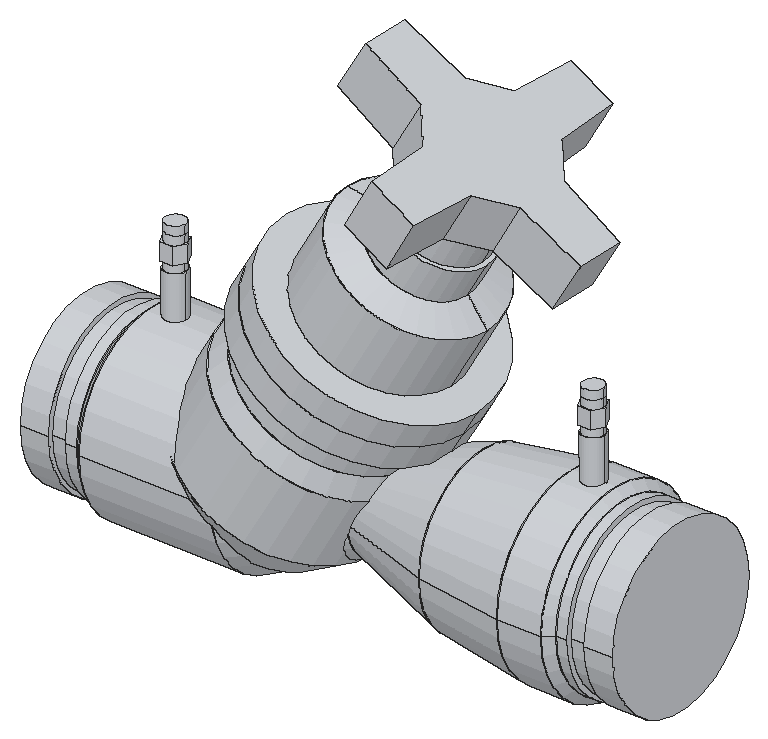
Revit family "447_d-DN080-RFA_2019", category Pipe Accessories, Revit 2019
Family settings
  Round Connector Dimension = Use Diameter
  Part Type = Valve - Breaks Into
  Work Plane-Based = No
  Always vertical = Yes
  Cut with Voids When Loaded = No
  Shared = No
Parameters (values of type "447_d-DN080")
  magiProductId = "f43aa02b4841429783243073d22ea7"
  magiProductFamilyId = "eab8c084d85f47fc9aed3208e9defb"
  magiPartTypeId = 304
  isMeasuringValve [instance] = no
  ang2D [instance] = 0.00°
  W3 = 14.437 mm
  W2D = 100 mm
  W2 = 30.026 mm
  W1 = 12.736 mm
  VersionID = "2.0/2018.4.11.4/ZETKAMA_447_GROOVED_001"
  Use Minimum Symbol Size [instance] = yes
  URL = "www.hydronix.cz"
  Type Comments = "drážkový spoj; PN16; -10~+120°C;"
  R9 = 57.85 mm
  R8 = 24.475 mm
  R7 = 26.7 mm
  R6 = 53.4 mm
  R5 = 65 mm
  R4 = 24.475 mm
  R3 = 48.95 mm
  R2 = 42.275 mm
  R13 = 6.649 mm
  R12 = 5.204 mm
  R11 = 5.782 mm
  R1 = 44.5 mm
  R = 40 mm
  QmdConnectorList = "301;D;302;D"
  Productdata [instance] = ""
  Model = ""
  Manufacturer = "Hydronix"
  Maintenance Zone Under Depth [instance] = 45 mm
  Maintenance Zone Right Depth [instance] = 310 mm
  Maintenance Zone Over Depth [instance] = 220 mm
  Maintenance Zone Left Depth [instance] = 310 mm
  Maintenance Zone Front Depth [instance] = 130 mm
  Maintenance Zone Back Depth [instance] = 130 mm
  Maintenance Zone Front Visibility [instance] = no
  MC Product Code = "447 080 d (DN80; PN16 kvs104,3)"
  MC Piping Given Pressure Drop [instance] = 0.0 Pa
  L9 = 46.254 mm
  L8__ve = -L8  # -23.127 mm
  L8 = 23.127 mm
  L6 = 69.381 mm
  L5 = 4.429 mm
  L4__ve = -L4  # -5.905 mm
  L4 = 5.905 mm
  L3__ve = -L3  # -8.857 mm
  L3 = 8.857 mm
  L2__ve = -L2  # -14.762 mm
  L2D_Min = 3048 mm
  L2D = 350 mm
  L2 = 14.762 mm
  L13 = 11.563 mm
  L12 = 12.736 mm
  L11 = 14.437 mm
  L10 = 30.026 mm
  L1 = 155 mm
  KZ = 25.833 mm
  KL = 44.745 mm
  H9 = 5.774 mm
  H8 = 37.528 mm
  H7 = 14.434 mm
  H6 = 17.321 mm
  H5 = 11.547 mm
  H4 = 43.301 mm
  H17 = 8.8 mm
  H16 = 4.4 mm
  H15 = 70.95 mm
  H14 = 28.868 mm
  H13 = 21.651 mm
  H11 = 23.094 mm
  H10 = 20.207 mm
  Description = "Ruční vyvažovací ventil s drážkovým spojem"
  D = 80 mm
  CenSd_R13_6 = R13 * cos(30.00°)  # 5.758 mm
  Clearance Zone Height Depth [instance] = 220 mm
  Clearance Zone Circular Radius [instance] = 155 mm
  Clearance Zone Visibility [instance] = no
Types (10, lengths in mm): name | magiProductId | W3 | W2 | W1 | R9 | R8 | R7 | R6 | R5 | R4 | R3 | R2 | R13 | R12 | R11 | R1 | R | Maintenance Zone Under Depth | Maintenance Zone Right Depth | Maintenance Zone Over Depth | Maintenance Zone Left Depth | Maintenance Zone Front Depth | Maintenance Zone Back Depth | MC Product Code | L9 | L8__ve | L8 | L6 | L5 | L4__ve | L4 | L3__ve | L3 | L2__ve | L2 | L13 | L12 | L11 | L10 | L1 | KZ | KL | H9 | H8 | H7 | H6 | H5 | H4 | H17 | H16 | H15 | H14 | H13 | H11 | H10 | D | CenSd_R13_6 | Clearance Zone Height Depth | Clearance Zone Circular Radius
  447_d-DN100 | "e5a6bfdd9ca54003a0551f5d760c3c" | 14.437 | 30.026 | 12.736 | 74.1 | 31.35 | 34.2 | 68.4 | 65 | 31.35 | 62.7 | 54.15 | 7.507 | 5.875 | 6.528 | 57 | 50 | 57 | 350 | 240 | 350 | 130 | 130 | "447 100 d (DN100; PN16 kvs180,5)" | 52.222 | -26.111 | 26.111 | 78.333 | 5 | -6.667 | 6.667 | -10 | 10 | -16.667 | 16.667 | 13.056 | 12.736 | 14.437 | 30.026 | 175 | 29.167 | 50.518 | 6.389 | 41.531 | 15.973 | 19.168 | 12.779 | 47.92 | 9.6 | 4.8 | 86.7 | 31.947 | 23.96 | 25.557 | 22.363 | 100 | 6.501 | 240 | 175
  447_d-DN125 | "5795ec580370482d8c46e49d975863" | 14.437 | 30.026 | 12.736 | 91.65 | 38.775 | 42.3 | 84.6 | 65 | 38.775 | 77.55 | 66.975 | 8.579 | 6.714 | 7.46 | 70.5 | 62.5 | 71 | 400 | 260 | 400 | 130 | 130 | "447 125 d (DN125; PN16 kvs280,0)" | 59.683 | -29.841 | 29.841 | 89.524 | 5.714 | -7.619 | 7.619 | -11.429 | 11.429 | -19.048 | 19.048 | 14.921 | 12.736 | 14.437 | 30.026 | 200 | 33.333 | 57.735 | 7.005 | 45.534 | 17.513 | 21.016 | 14.01 | 52.539 | 10.4 | 5.2 | 103.55 | 35.026 | 26.269 | 28.021 | 24.518 | 125 | 7.43 | 260 | 200
  447_d-DN150 | "9b6b5ad10a674c51b522359e7e2d39" | 14.437 | 30.026 | 12.736 | 109.2 | 46.2 | 50.4 | 100.8 | 65 | 46.2 | 92.4 | 79.8 | 10.295 | 8.057 | 8.952 | 84 | 75 | 84 | 480 | 285 | 480 | 130 | 130 | "447 150 d (DN150; PN16 kvs383,4)" | 71.619 | -35.81 | 35.81 | 107.429 | 6.857 | -9.143 | 9.143 | -13.714 | 13.714 | -22.857 | 22.857 | 17.905 | 12.736 | 14.437 | 30.026 | 240 | 40 | 69.282 | 7.775 | 50.537 | 19.437 | 23.325 | 15.55 | 58.312 | 11.4 | 5.7 | 120.9 | 38.875 | 29.156 | 31.1 | 27.212 | 150 | 8.916 | 285 | 240
  447_d-DN200 | "f5a67fe5c2444fc986ed7f87b9a4ed" | 31.658 | 71.601 | 30.372 | 142.35 | 60.225 | 65.7 | 131.4 | 155 | 60.225 | 120.45 | 104.025 | 12.869 | 10.071 | 11.19 | 109.5 | 100 | 110 | 600 | 480 | 600 | 310 | 310 | "447 200 d (DN200; PN16 kvs710,0)" | 89.524 | -44.762 | 44.762 | 134.286 | 8.571 | -11.429 | 11.429 | -17.143 | 17.143 | -28.571 | 28.571 | 22.381 | 30.372 | 31.658 | 71.601 | 300 | 50 | 86.603 | 12.394 | 80.56 | 30.984 | 37.181 | 24.788 | 92.953 | 19.2 | 9.6 | 168.45 | 61.969 | 46.477 | 49.575 | 43.378 | 200 | 11.145 | 480 | 300
  447_d-DN250 | "7d63ae0d28f64990bc8ce3477101ef" | 31.658 | 71.601 | 30.372 | 177.45 | 75.075 | 81.9 | 163.8 | 155 | 75.075 | 150.15 | 129.675 | 15.657 | 12.254 | 13.615 | 136.5 | 125 | 137 | 730 | 525 | 730 | 310 | 310 | "447 250 d (DN250; PN16 kvs1187,5)" | 108.921 | -54.46 | 54.46 | 163.381 | 10.429 | -13.905 | 13.905 | -20.857 | 20.857 | -34.762 | 34.762 | 27.23 | 30.372 | 31.658 | 71.601 | 365 | 60.833 | 105.366 | 13.779 | 89.566 | 34.449 | 41.338 | 27.559 | 103.346 | 21 | 10.5 | 202.65 | 68.897 | 51.673 | 55.118 | 48.228 | 250 | 13.56 | 525 | 365
  447_d-DN300 | "0a2a34dba99a430aa7daf784d6b0c1" | 31.658 | 71.601 | 30.372 | 210.6 | 89.1 | 97.2 | 194.4 | 155 | 89.1 | 178.2 | 153.9 | 18.231 | 14.268 | 15.853 | 162 | 150 | 162 | 850 | 535 | 850 | 310 | 310 | "447 300 d (DN300; PN16 kvs1504,1)" | 126.825 | -63.413 | 63.413 | 190.238 | 12.143 | -16.19 | 16.19 | -24.286 | 24.286 | -40.476 | 40.476 | 31.706 | 30.372 | 31.658 | 71.601 | 425 | 70.833 | 122.687 | 14.087 | 91.568 | 35.218 | 42.262 | 28.175 | 105.655 | 21.4 | 10.7 | 231.7 | 70.437 | 52.828 | 56.349 | 49.306 | 300 | 15.789 | 535 | 425
  447_d-DN040 | "6dc4a6b5eb924103b02307904d600f" | 9.08 | 17.092 | 7.25 | 31.2 | 13.2 | 14.4 | 28.8 | 37 | 13.2 | 26.4 | 22.8 | 4.29 | 3.357 | 3.73 | 24 | 20 | 24 | 200 | 130 | 200 | 74 | 74 | "447 040 d (DN40; PN16 kvs22,36)" | 29.841 | -14.921 | 14.921 | 44.762 | 2.857 | -3.81 | 3.81 | -5.714 | 5.714 | -9.524 | 9.524 | 7.46 | 7.25 | 9.08 | 17.092 | 100 | 16.667 | 28.868 | 3.433 | 22.317 | 8.583 | 10.3 | 6.867 | 25.75 | 5.2 | 2.6 | 39.4 | 17.167 | 12.875 | 13.733 | 12.017 | 40 | 3.715 | 130 | 100
  447_d-DN050 | "b59a3d0ad4654cda90cee0c397c848" | 9.08 | 17.092 | 7.25 | 39 | 16.5 | 18 | 36 | 37 | 16.5 | 33 | 28.5 | 4.933 | 3.861 | 4.29 | 30 | 25 | 30 | 230 | 130 | 230 | 130 | 130 | "447 050 d (DN50; PN16 kvs32,15)" | 34.317 | -17.159 | 17.159 | 51.476 | 3.286 | -4.381 | 4.381 | -6.571 | 6.571 | -10.952 | 10.952 | 8.579 | 7.25 | 9.08 | 17.092 | 115 | 19.167 | 33.198 | 3.433 | 22.317 | 8.583 | 10.3 | 6.867 | 25.75 | 5.2 | 2.6 | 46 | 17.167 | 12.875 | 13.733 | 12.017 | 50 | 4.272 | 130 | 115
  447_d-DN065 | "356db372cd37496c9ff0d3ad255dc6" | 14.437 | 30.026 | 12.736 | 49.4 | 20.9 | 22.8 | 45.6 | 65 | 20.9 | 41.8 | 36.1 | 6.22 | 4.868 | 5.409 | 38 | 32.5 | 38 | 290 | 220 | 290 | 130 | 130 | "447 065 d (DN65; PN16 kvs83,3)" | 43.27 | -21.635 | 21.635 | 64.905 | 4.143 | -5.524 | 5.524 | -8.286 | 8.286 | -13.81 | 13.81 | 10.817 | 12.736 | 14.437 | 30.026 | 145 | 24.167 | 41.858 | 5.774 | 37.528 | 14.434 | 17.321 | 11.547 | 43.301 | 8.8 | 4.4 | 63.8 | 28.868 | 21.651 | 23.094 | 20.207 | 65 | 5.387 | 220 | 145
  447_d-DN080 | "f43aa02b4841429783243073d22ea7" | 14.437 | 30.026 | 12.736 | 57.85 | 24.475 | 26.7 | 53.4 | 65 | 24.475 | 48.95 | 42.275 | 6.649 | 5.204 | 5.782 | 44.5 | 40 | 45 | 310 | 220 | 310 | 130 | 130 | "447 080 d (DN80; PN16 kvs104,3)" | 46.254 | -23.127 | 23.127 | 69.381 | 4.429 | -5.905 | 5.905 | -8.857 | 8.857 | -14.762 | 14.762 | 11.563 | 12.736 | 14.437 | 30.026 | 155 | 25.833 | 44.745 | 5.774 | 37.528 | 14.434 | 17.321 | 11.547 | 43.301 | 8.8 | 4.4 | 70.95 | 28.868 | 21.651 | 23.094 | 20.207 | 80 | 5.758 | 220 | 155
Reference planes
  plane 1 "Center (Front/Back)": y = 0
  plane 2 "XYPLANE": z = 0
  plane 3 "Center (Left/Right)": x = 0
  plane 4 "159": y = 130
  plane 5 "158": y = -130
  plane 6 "157": z = -45
  plane 7 "156": z = 220
  plane 8 "155": x = -310
  plane 9 "154": x = 310
  plane 10 "132": z = 88.55
  plane 11 "125": z = 84.15
  plane 12 "120": z = 75.35
  plane 13 "119": z = 70.95
  plane 14 "112": x = 109.484
  plane 15 "111": x = -109.484
  plane 16 "109": y = -14.437
  plane 17 "108": y = 14.437
  plane 18 "105": through (347.28, 0, 665.523) normal (0.866, 0, -0.5)
  plane 19 "104": through (325.22, 0, 678.26) normal (0.866, 0, -0.5)
  plane 20 "103": y = -30.026
  plane 21 "102": y = -12.736
  plane 22 "101": y = 30.026
  plane 23 "100": y = 12.736
  plane 24 "99": through (323.747, 0, 679.11) normal (0.866, 0, -0.5)
  plane 25 "98": through (310.247, 0, 686.904) normal (0.866, 0, -0.5)
  plane 26 "97": through (348.753, 0, 664.673) normal (0.866, 0, -0.5)
  plane 27 "96": through (362.253, 0, 656.878) normal (0.866, 0, -0.5)
  plane 28 "95": y = -65
  plane 29 "94": y = 65
  plane 30 "93": through (392.542, 0, 639.391) normal (0.866, 0, -0.5)
  plane 31 "92": through (279.958, 0, 704.391) normal (0.866, 0, -0.5)
  plane 32 "88": x = 51.667
  plane 33 "87": x = 97.921
  plane 34 "81": through (-568.616, 0, 515.128) normal (0.5, 0, 0.866)
  plane 35 "80": through (-580.163, 0, 495.128) normal (0.5, 0, 0.866)
  plane 36 "75": through (-590.267, 0, 477.628) normal (0.5, 0, 0.866)
  plane 37 "72": through (-593.154, 0, 472.628) normal (0.5, 0, 0.866)
  plane 38 "68": through (-611.918, 0, 440.128) normal (0.5, 0, 0.866)
  plane 39 "67": through (-619.134, 0, 427.628) normal (0.5, 0, 0.866)
  plane 40 "62": through (-673.261, 0, 333.878) normal (0.5, 0, 0.866)
  plane 41 "61": through (-626.351, 0, 415.128) normal (0.5, 0, 0.866)
  plane 42 "58": through (-635.012, 0, 400.128) normal (0.5, 0, 0.866)
  plane 43 "56": through (-640.785, 0, 390.128) normal (0.5, 0, 0.866)
  plane 44 "51": y = 0
  plane 45 "49": through (336.25, 0, 671.891) normal (0.866, 0, -0.5)
  plane 46 "48": through (-662.436, 0, 352.628) normal (0.5, 0, 0.866)
  plane 47 "30": x = 121.048
  plane 48 "29": x = 125.476
  plane 49 "28": x = 131.381
  plane 50 "27": x = 140.238
  plane 51 "14": x = -51.667
  plane 52 "13": x = -121.048
  plane 53 "12": x = -125.476
  plane 54 "11": x = -131.381
  plane 55 "10": x = -140.238
  plane 56 "8": x = -155
  plane 57 "7": x = 155
  plane 58 "6": y = 0
  plane 59 "5": x = 0
  plane 60 "4": z = 0
  plane 61 "45XY": through (-649.519, 0, 375) normal (0.5, 0, 0.866)
  plane 62 "45XZ": y = 0
  plane 63 "45YZ": through (375, 0, 649.519) normal (0.866, 0, -0.5)
Forms (mm)
  Blend 1, solid, visible <- "Maintenance Zone Front Visibility"
    base sketch origin (-750, 0, -45) x (1, 0, 0) y (0, 1, 0)
      loop
        line (440, 130) -> (440, -130) -> (1060, -130) -> (1060, 130) -> (440, 130)
    top sketch origin (-750, 0, -45) x (1, 0, 0) y (0, 1, 0)
      loop
        line (440, 130) -> (440, -130) -> (1060, -130) -> (1060, 130) -> (440, 130)
    from 0 to 265
  Extrusion 2, solid, visible <- "Clearance Zone Visibility"
    sketch origin (-750, 0, 0) x (1, 0, 0) y (0, 1, 0)
      loop
        circle (750, 0) r 155
    from 0 to 220 <- "Clearance Zone Height Depth"
  Extrusion 3, solid
    sketch origin (-750, 0, 88.55) x (1, 0, 0) y (0, 1, 0)
      loop
        circle (859.484, 0) r 5.204
    from 0 to 4.4 <- "H16"
  Extrusion 4, solid
    sketch origin (-750, 0, 84.15) x (1, 0, 0) y (0, 1, 0)
      loop
        circle (859.484, 0) r 5.204
    from 0 to 4.4 <- "H16"
  Extrusion 5, solid
    sketch origin (-750, 0, 88.55) x (1, 0, 0) y (0, 1, 0)
      loop
        circle (640.516, 0) r 5.204
    from 0 to 4.4 <- "H16"
  Extrusion 6, solid
    sketch origin (-750, 0, 84.15) x (1, 0, 0) y (0, 1, 0)
      loop
        circle (640.516, 0) r 5.204
    from 0 to 4.4 <- "H16"
  Extrusion 7, solid
    sketch origin (-750, 0, 75.35) x (1, 0, 0) y (0, 1, 0)
      loop
        line (866.133, 0) -> (862.809, 5.758) -> (856.16, 5.758) -> (852.835, 0) -> (856.16, -5.758) -> (862.809, -5.758) -> (866.133, 0)
    from 0 to 8.8 <- "H17"
  Extrusion 8, solid
    sketch origin (-750, 0, 75.35) x (1, 0, 0) y (0, 1, 0)
      loop
        line (647.165, 0) -> (643.84, 5.758) -> (637.191, 5.758) -> (633.867, 0) -> (637.191, -5.758) -> (643.84, -5.758) -> (647.165, 0)
    from 0 to 8.8 <- "H17"
  Extrusion 9, solid
    sketch origin (-750, 0, 70.95) x (1, 0, 0) y (0, 1, 0)
      loop
        circle (859.484, 0) r 5.204
    from 0 to 4.4 <- "H16"
  Extrusion 10, solid
    sketch origin (-750, 0, 70.95) x (1, 0, 0) y (0, 1, 0)
      loop
        circle (640.516, 0) r 5.204
    from 0 to 4.4 <- "H16"
  Extrusion 11, solid
    sketch origin (-750, 0, 0) x (1, 0, 0) y (0, 1, 0)
      loop
        circle (859.484, 0) r 5.782
    from 0 to 70.95 <- "H15"
  Extrusion 12, solid
    sketch origin (-750, 0, 0) x (1, 0, 0) y (0, 1, 0)
      loop
        circle (640.516, 0) r 5.782
    from 0 to 70.95 <- "H15"
  Extrusion 13, solid
    sketch origin (-568.616, 0, 515.128) x (0.866025, 0, -0.5) y (0, 1, 0)
      loop
        line (640.255, 12.736) -> (640.255, -12.736) -> (675.229, -14.437) -> (690.818, -30.026) -> (692.519, -65) -> (717.992, -65) -> (719.693, -30.026) -> (735.281, -14.437) -> (770.255, -12.736) -> (770.255, 12.736) -> (735.281, 14.437) -> (719.693, 30.026) -> (717.992, 65) -> (692.519, 65) -> (690.818, 30.026) -> (675.229, 14.437) -> (640.255, 12.736)
    from 0 to 28.868 <- "H14"
  Blend 14, solid
    base sketch origin (97.921, -750, 0) x (0, 1, 0) y (0, 0, 1)
      loop
        circle (750, 0) r 48.95
    top sketch origin (97.921, -750, 0) x (0, 1, 0) y (0, 0, 1)
      loop
        circle (750, 0) r 42.275
    from 0 to -46.254
  Extrusion 15, solid
    sketch origin (-619.134, 0, 427.628) x (0.866025, 0, -0.5) y (0, 1, 0)
      loop
        circle (705.255, 0) r 57.85
    from 0 to 14.434 <- "H7"
  Extrusion 16, solid
    sketch origin (-626.351, 0, 415.128) x (0.866025, 0, -0.5) y (0, 1, 0)
      loop
        circle (705.255, 0) r 57.85
    from 0 to 14.434 <- "H7"
  Extrusion 17, solid
    sketch origin (-580.163, 0, 495.128) x (0.866025, 0, -0.5) y (0, 1, 0)
      loop
        circle (705.255, 0) r 24.475
    from 0 to 23.094 <- "H11"
  Blend 18, solid
    base sketch origin (-593.154, 0, 472.628) x (0.866025, 0, -0.5) y (0, 1, 0)
      loop
        circle (705.255, 0) r 42.275
    top sketch origin (-593.154, 0, 472.628) x (0.866025, 0, -0.5) y (0, 1, 0)
      loop
        circle (705.255, 0) r 26.7
    from 0 to 5.774
  Extrusion 19, solid
    sketch origin (-611.918, 0, 440.128) x (0.866025, 0, -0.5) y (0, 1, 0)
      loop
        circle (705.255, 0) r 42.275
    from 0 to 37.528 <- "H8"
  Extrusion 20, solid
    sketch origin (-590.267, 0, 477.628) x (0.866025, 0, -0.5) y (0, 1, 0)
      loop
        circle (705.255, 0) r 26.7
    from 0 to 20.207 <- "H10"
  Blend 21, solid
    base sketch origin (-662.436, 0, 352.628) x (0.866025, 0, -0.5) y (0, 1, 0)
      loop
        circle (705.255, 0) r 53.4
    top sketch origin (-662.436, 0, 352.628) x (0.866025, 0, -0.5) y (0, 1, 0)
      loop
        circle (705.255, 0) r 40
    from 0 to -21.651
  Extrusion 22, solid
    sketch origin (-635.012, 0, 400.128) x (0.866025, 0, -0.5) y (0, 1, 0)
      loop
        circle (705.255, 0) r 48.95
    from 0 to 17.321 <- "H6"
  Blend 23, solid
    base sketch origin (-640.785, 0, 390.128) x (0.866025, 0, -0.5) y (0, 1, 0)
      loop
        circle (705.255, 0) r 53.4
    top sketch origin (-640.785, 0, 390.128) x (0.866025, 0, -0.5) y (0, 1, 0)
      loop
        circle (705.255, 0) r 48.95
    from 0 to 11.547
  Extrusion 24, solid
    sketch origin (-662.436, 0, 352.628) x (0.866025, 0, -0.5) y (0, 1, 0)
      loop
        circle (705.255, 0) r 53.4
    from 0 to 43.301 <- "H4"
  Extrusion 25, solid
    sketch origin (155, -750, 0) x (0, 1, 0) y (0, 0, 1)
      loop
        circle (750, 0) r 44.5
    from 0 to -14.762 <- "L2__ve"
  Extrusion 26, solid
    sketch origin (140.238, -750, 0) x (0, 1, 0) y (0, 0, 1)
      loop
        circle (750, 0) r 42.275
    from 0 to -8.857 <- "L3__ve"
  Extrusion 27, solid
    sketch origin (131.381, -750, 0) x (0, 1, 0) y (0, 0, 1)
      loop
        circle (750, 0) r 44.5
    from 0 to -5.905 <- "L4__ve"
  Blend 28, solid
    base sketch origin (125.476, -750, 0) x (0, 1, 0) y (0, 0, 1)
      loop
        circle (750, 0) r 44.5
    top sketch origin (125.476, -750, 0) x (0, 1, 0) y (0, 0, 1)
      loop
        circle (750, 0) r 48.95
    from 0 to -4.429
  Extrusion 29, solid
    sketch origin (121.048, -750, 0) x (0, 1, 0) y (0, 0, 1)
      loop
        circle (750, 0) r 48.95
    from 0 to -23.127 <- "L8__ve"
  Blend 30, solid
    base sketch origin (51.667, -750, 0) x (0, 1, 0) y (0, 0, 1)
      loop
        circle (750, 0) r 42.275
    top sketch origin (51.667, -750, 0) x (0, 1, 0) y (0, 0, 1)
      loop
        circle (750, 0) r 24.475
    from 0 to -51.667
  Blend 31, solid
    base sketch origin (-51.667, -750, 0) x (0, 1, 0) y (0, 0, 1)
      loop
        circle (750, 0) r 48.95
    top sketch origin (-51.667, -750, 0) x (0, 1, 0) y (0, 0, 1)
      loop
        circle (750, 0) r 24.475
    from 0 to 51.667
  Extrusion 32, solid
    sketch origin (-121.048, -750, 0) x (0, 1, 0) y (0, 0, 1)
      loop
        circle (750, 0) r 48.95
    from 0 to 69.381 <- "L6"
  Blend 33, solid
    base sketch origin (-125.476, -750, 0) x (0, 1, 0) y (0, 0, 1)
      loop
        circle (750, 0) r 44.5
    top sketch origin (-125.476, -750, 0) x (0, 1, 0) y (0, 0, 1)
      loop
        circle (750, 0) r 48.95
    from 0 to 4.429
  Extrusion 34, solid
    sketch origin (-131.381, -750, 0) x (0, 1, 0) y (0, 0, 1)
      loop
        circle (750, 0) r 44.5
    from 0 to 5.905 <- "L4"
  Extrusion 35, solid
    sketch origin (-140.238, -750, 0) x (0, 1, 0) y (0, 0, 1)
      loop
        circle (750, 0) r 42.275
    from 0 to 8.857 <- "L3"
  Extrusion 36, solid
    sketch origin (-155, -750, 0) x (0, 1, 0) y (0, 0, 1)
      loop
        circle (750, 0) r 44.5
    from 0 to 14.762 <- "L2"
  Extrusion 37, solid, not visible
    sketch origin (-155, -750, 0) x (0, 1, 0) y (0, 0, 1)
      loop
        circle (750, 0) r 10
    from 0 to 10
  Extrusion 38, solid, not visible
    sketch origin (155, -750, 0) x (0, 1, 0) y (0, 0, 1)
      loop
        circle (750, 0) r 10
    from 0 to -10
Lines and regions (mm)
  reference lines, not visible
    curve 1: circle (2, 2, 0) r 1 normal (0, 0, 1)
  reference lines
    curve 2: line (109.484, 0, 75.35) -> (107.607, 3.251, 75.35)
    curve 3: line (109.484, 0, 75.35) -> (105.731, 0, 75.35)
    curve 4: line (109.484, 0, 75.35) -> (107.607, -3.251, 75.35)
    curve 5: line (-109.484, 0, 75.35) -> (-111.361, 3.251, 75.35)
    curve 6: line (-109.484, 0, 75.35) -> (-113.238, 0, 75.35)
    curve 7: line (-109.484, 0, 75.35) -> (-111.361, -3.251, 75.35)
Dimensions and locks
  plane 1 "Center (Front/Back)" to curve 1 = 2 mm
  "Maintenance Zone Back Depth": plane 1 "Center (Front/Back)" to plane 4 "159"
  "Maintenance Zone Front Depth": plane 1 "Center (Front/Back)" to plane 5 "158"
  "Maintenance Zone Under Depth": plane 2 "XYPLANE" to plane 6 "157"
  "Maintenance Zone Over Depth": plane 2 "XYPLANE" to plane 7 "156"
  "Maintenance Zone Left Depth": plane 3 "Center (Left/Right)" to plane 8 "155"
  "Maintenance Zone Right Depth": plane 3 "Center (Left/Right)" to plane 9 "154"
  "H16": plane 11 "125" to plane 10 "132"
  "H17": plane 12 "120" to plane 11 "125"
  "H16": plane 13 "119" to plane 12 "120"
  "H15": plane 2 "XYPLANE" to plane 13 "119"
  "L13": plane 47 "30" to plane 14 "112"
  "L13": plane 52 "13" to plane 15 "111"
  "W3": plane 44 "51" to plane 16 "109"
  "W3": plane 44 "51" to plane 17 "108"
  "L12": plane 45 "49" to plane 18 "105"
  "L12": plane 45 "49" to plane 19 "104"
  "W2": plane 58 "6" to plane 20 "103"
  "W1": plane 58 "6" to plane 21 "102"
  "W2": plane 58 "6" to plane 22 "101"
  "W1": plane 58 "6" to plane 23 "100"
  "L11": plane 45 "49" to plane 24 "99"
  "L10": plane 45 "49" to plane 25 "98"
  "L11": plane 45 "49" to plane 26 "97"
  "L10": plane 45 "49" to plane 27 "96"
  "R5": plane 58 "6" to plane 28 "95"
  "R5": plane 58 "6" to plane 29 "94"
  "R5": plane 45 "49" to plane 30 "93"
  "R5": plane 45 "49" to plane 31 "92"
  "L9": plane 33 "87" to plane 32 "88"
  "L8": plane 47 "30" to plane 33 "87"
  "H11": plane 35 "80" to plane 34 "81"
  "H10": plane 36 "75" to plane 35 "80"
  "H9": plane 37 "72" to plane 36 "75"
  "H8": plane 38 "68" to plane 37 "72"
  "H7": plane 39 "67" to plane 38 "68"
  "H7": plane 41 "61" to plane 39 "67"
  "H13": plane 46 "48" to plane 40 "62"
  "H6": plane 42 "58" to plane 41 "61"
  "H5": plane 43 "56" to plane 42 "58"
  "H4": plane 46 "48" to plane 43 "56"
  locked: plane 58 "6" to plane 44 "51"
  "KL": plane 63 "45YZ" to plane 45 "49"
  "KZ": plane 61 "45XY" to plane 46 "48"
  "L5": plane 48 "29" to plane 47 "30"
  "L4": plane 49 "28" to plane 48 "29"
  "L3": plane 50 "27" to plane 49 "28"
  "L2": plane 57 "7" to plane 50 "27"
  "L6": plane 52 "13" to plane 51 "14"
  "L5": plane 53 "12" to plane 52 "13"
  "L4": plane 54 "11" to plane 53 "12"
  "L3": plane 55 "10" to plane 54 "11"
  "L2": plane 56 "8" to plane 55 "10"
  "L1": plane 3 "Center (Left/Right)" to plane 56 "8"
  "L1": plane 3 "Center (Left/Right)" to plane 57 "7"
  locked: plane 1 "Center (Front/Back)" to plane 58 "6"
  locked: plane 3 "Center (Left/Right)" to plane 59 "5"
  locked: plane 2 "XYPLANE" to plane 60 "4"
  Blend 1 sketch curve to Blend 1 sketch curve = 0 mm  (x16)
  "CenSd_R13_6": curve 2 to Extrusion 7 sketch curve  (x2)
  "CenSd_R13_6": curve 3 to Extrusion 7 sketch curve  (x2)
  "CenSd_R13_6": curve 4 to Extrusion 7 sketch curve  (x2)
  Extrusion 7 sketch curve to Extrusion 7 sketch curve = 0 mm  (x12)
  "CenSd_R13_6": curve 5 to Extrusion 8 sketch curve  (x2)
  "CenSd_R13_6": curve 6 to Extrusion 8 sketch curve  (x2)
  "CenSd_R13_6": curve 7 to Extrusion 8 sketch curve  (x2)
  Extrusion 8 sketch curve to Extrusion 8 sketch curve = 0 mm  (x12)
  Extrusion 13 sketch curve to Extrusion 13 sketch curve = 0 mm  (x32)
  "Clearance Zone Circular Radius": radius of Extrusion 2 sketch curve
  "R12": radius of Extrusion 3 sketch curve
  "R12": radius of Extrusion 4 sketch curve
  "R12": radius of Extrusion 5 sketch curve
  "R12": radius of Extrusion 6 sketch curve
  "R12": radius of Extrusion 9 sketch curve
  "R12": radius of Extrusion 10 sketch curve
  "R11": radius of Extrusion 11 sketch curve
  "R11": radius of Extrusion 12 sketch curve
  "R2": radius of Blend 14 sketch curve
  "R3": radius of Blend 14 sketch curve
  "R9": radius of Extrusion 15 sketch curve
  "R9": radius of Extrusion 16 sketch curve
  "R8": radius of Extrusion 17 sketch curve
  "R7": radius of Blend 18 sketch curve
  "R2": radius of Blend 18 sketch curve
  "R2": radius of Extrusion 19 sketch curve
  "R7": radius of Extrusion 20 sketch curve
  "R": radius of Blend 21 sketch curve
  "R6": radius of Blend 21 sketch curve
  "R3": radius of Extrusion 22 sketch curve
  "R3": radius of Blend 23 sketch curve
  "R6": radius of Blend 23 sketch curve
  "R6": radius of Extrusion 24 sketch curve
  "R1": radius of Extrusion 25 sketch curve
  "R2": radius of Extrusion 26 sketch curve
  "R1": radius of Extrusion 27 sketch curve
  "R3": radius of Blend 28 sketch curve
  "R1": radius of Blend 28 sketch curve
  "R3": radius of Extrusion 29 sketch curve
  "R4": radius of Blend 30 sketch curve
  "R2": radius of Blend 30 sketch curve
  "R4": radius of Blend 31 sketch curve
  "R3": radius of Blend 31 sketch curve
  "R3": radius of Extrusion 32 sketch curve
  "R3": radius of Blend 33 sketch curve
  "R1": radius of Blend 33 sketch curve
  "R1": radius of Extrusion 34 sketch curve
  "R2": radius of Extrusion 35 sketch curve
  "R1": radius of Extrusion 36 sketch curve
  locked: curve 3 to curve 2 (angle 60.00°)
  locked: curve 4 to curve 3 (angle 60.00°)
  locked: curve 4 to curve 2 (angle 120.00°)
  locked: curve 6 to curve 5 (angle 60.00°)
  locked: curve 7 to curve 6 (angle 60.00°)
  locked: curve 7 to curve 5 (angle 120.00°)
  aligned and locked: level to plane 2 "XYPLANE"
  aligned and locked: Blend 1 sketch curve to plane 8 "155"  (x2)
  aligned and locked: plane 4 "159" to Blend 1 sketch curve  (x4)
  aligned and locked: plane 5 "158" to Blend 1 sketch curve  (x4)
  aligned and locked: plane 8 "155" to Blend 1 sketch curve  (x2)
  aligned and locked: plane 9 "154" to Blend 1 sketch curve  (x4)
  aligned and locked: plane 7 "156" to Blend 1
  aligned and locked: plane 58 "6" to Extrusion 2 sketch curve
  aligned and locked: plane 59 "5" to Extrusion 2 sketch curve
  aligned and locked: plane 14 "112" to Extrusion 3 sketch curve
  aligned and locked: plane 58 "6" to Extrusion 3 sketch curve
  aligned and locked: plane 14 "112" to Extrusion 4 sketch curve
  aligned and locked: plane 58 "6" to Extrusion 4 sketch curve
  aligned and locked: plane 15 "111" to Extrusion 5 sketch curve
  aligned and locked: plane 58 "6" to Extrusion 5 sketch curve
  aligned and locked: plane 15 "111" to Extrusion 6 sketch curve
  aligned and locked: plane 58 "6" to Extrusion 6 sketch curve
  aligned and locked: plane 14 "112" to curve 4
  aligned and locked: plane 58 "6" to curve 4
  aligned and locked: plane 15 "111" to curve 6
  aligned and locked: plane 58 "6" to curve 6
  aligned and locked: plane 14 "112" to Extrusion 9 sketch curve
  aligned and locked: plane 58 "6" to Extrusion 9 sketch curve
  aligned and locked: plane 15 "111" to Extrusion 10 sketch curve
  aligned and locked: plane 58 "6" to Extrusion 10 sketch curve
  aligned and locked: plane 14 "112" to Extrusion 11 sketch curve
  aligned and locked: plane 58 "6" to Extrusion 11 sketch curve
  aligned and locked: plane 15 "111" to Extrusion 12 sketch curve
  aligned and locked: plane 58 "6" to Extrusion 12 sketch curve
  aligned and locked: Extrusion 13 sketch curve to plane 31 "92"  (x2)
  aligned and locked: plane 23 "100" to Extrusion 13 sketch curve  (x2)
  aligned and locked: plane 21 "102" to Extrusion 13 sketch curve  (x2)
  aligned and locked: plane 16 "109" to Extrusion 13 sketch curve  (x2)
  aligned and locked: Extrusion 13 sketch curve to plane 25 "98"
  aligned and locked: plane 20 "103" to Extrusion 13 sketch curve  (x2)
  aligned and locked: Extrusion 13 sketch curve to plane 24 "99"
  aligned and locked: plane 28 "95" to Extrusion 13 sketch curve  (x2)
  aligned and locked: Extrusion 13 sketch curve to plane 19 "104"
  aligned and locked: Extrusion 13 sketch curve to plane 18 "105"
  aligned and locked: Extrusion 13 sketch curve to plane 26 "97"
  aligned and locked: Extrusion 13 sketch curve to plane 27 "96"
  aligned and locked: Extrusion 13 sketch curve to plane 30 "93"
  aligned and locked: plane 30 "93" to Extrusion 13 sketch curve
  aligned and locked: plane 17 "108" to Extrusion 13 sketch curve  (x2)
  aligned and locked: plane 27 "96" to Extrusion 13 sketch curve
  aligned and locked: plane 22 "101" to Extrusion 13 sketch curve  (x2)
  aligned and locked: plane 26 "97" to Extrusion 13 sketch curve
  aligned and locked: plane 18 "105" to Extrusion 13 sketch curve
  aligned and locked: plane 29 "94" to Extrusion 13 sketch curve  (x2)
  aligned and locked: plane 19 "104" to Extrusion 13 sketch curve
  aligned and locked: plane 24 "99" to Extrusion 13 sketch curve
  aligned and locked: plane 25 "98" to Extrusion 13 sketch curve
  aligned and locked: Blend 14 sketch curve to plane 58 "6"  (x2)
  aligned and locked: plane 60 "4" to Blend 14 sketch curve  (x2)
  aligned and locked: Blend 14 to plane 32 "88"
  aligned and locked: plane 44 "51" to Extrusion 15 sketch curve
  aligned and locked: Extrusion 15 sketch curve to plane 45 "49"
  aligned and locked: plane 44 "51" to Extrusion 16 sketch curve
  aligned and locked: Extrusion 16 sketch curve to plane 45 "49"
  aligned and locked: plane 44 "51" to Extrusion 17 sketch curve
  aligned and locked: Extrusion 17 sketch curve to plane 45 "49"
  aligned and locked: plane 44 "51" to Blend 18 sketch curve  (x2)
  aligned and locked: Blend 18 sketch curve to plane 45 "49"  (x2)
  aligned and locked: plane 36 "75" to Blend 18
  aligned and locked: plane 44 "51" to Extrusion 19 sketch curve
  aligned and locked: Extrusion 19 sketch curve to plane 45 "49"
  aligned and locked: plane 44 "51" to Extrusion 20 sketch curve
  aligned and locked: Extrusion 20 sketch curve to plane 45 "49"
  aligned and locked: plane 44 "51" to Blend 21 sketch curve  (x2)
  aligned and locked: Blend 21 sketch curve to plane 45 "49"  (x2)
  aligned and locked: Blend 21 to plane 40 "62"
  aligned and locked: plane 44 "51" to Extrusion 22 sketch curve
  aligned and locked: Extrusion 22 sketch curve to plane 45 "49"
  aligned and locked: plane 44 "51" to Blend 23 sketch curve  (x2)
  aligned and locked: Blend 23 sketch curve to plane 45 "49"  (x2)
  aligned and locked: plane 42 "58" to Blend 23
  aligned and locked: plane 44 "51" to Extrusion 24 sketch curve
  aligned and locked: Extrusion 24 sketch curve to plane 45 "49"
  aligned and locked: Extrusion 25 sketch curve to plane 58 "6"
  aligned and locked: plane 60 "4" to Extrusion 25 sketch curve
  aligned and locked: Extrusion 26 sketch curve to plane 58 "6"
  aligned and locked: plane 60 "4" to Extrusion 26 sketch curve
  aligned and locked: Extrusion 27 sketch curve to plane 58 "6"
  aligned and locked: plane 60 "4" to Extrusion 27 sketch curve
  aligned and locked: Blend 28 sketch curve to plane 58 "6"  (x2)
  aligned and locked: plane 60 "4" to Blend 28 sketch curve  (x2)
  aligned and locked: Blend 28 to plane 47 "30"
  aligned and locked: Extrusion 29 sketch curve to plane 58 "6"
  aligned and locked: plane 60 "4" to Extrusion 29 sketch curve
  aligned and locked: Blend 30 sketch curve to plane 58 "6"  (x2)
  aligned and locked: plane 60 "4" to Blend 30 sketch curve  (x2)
  aligned and locked: Blend 30 to plane 59 "5"
  aligned and locked: Blend 31 sketch curve to plane 58 "6"  (x2)
  aligned and locked: plane 60 "4" to Blend 31 sketch curve  (x2)
  aligned and locked: plane 59 "5" to Blend 31
  aligned and locked: Extrusion 32 sketch curve to plane 58 "6"
  aligned and locked: plane 60 "4" to Extrusion 32 sketch curve
  aligned and locked: Blend 33 sketch curve to plane 58 "6"  (x2)
  aligned and locked: plane 60 "4" to Blend 33 sketch curve  (x2)
  aligned and locked: plane 52 "13" to Blend 33
  aligned and locked: Extrusion 34 sketch curve to plane 58 "6"
  aligned and locked: plane 60 "4" to Extrusion 34 sketch curve
  aligned and locked: Extrusion 35 sketch curve to plane 58 "6"
  aligned and locked: plane 60 "4" to Extrusion 35 sketch curve
  aligned and locked: Extrusion 36 sketch curve to plane 58 "6"
  aligned and locked: plane 60 "4" to Extrusion 36 sketch curve
  aligned and locked: Extrusion 37 sketch curve to plane 58 "6"
  aligned and locked: plane 60 "4" to Extrusion 37 sketch curve
  aligned and locked: Extrusion 38 sketch curve to plane 58 "6"
  aligned and locked: plane 60 "4" to Extrusion 38 sketch curve
Automatic sketch dimensions
  plane 21 "102" to Extrusion 37 sketch curve = 2.736 mm
  plane 21 "102" to Extrusion 38 sketch curve = 2.736 mm
  plane 3 "Center (Left/Right)" to curve 1 = 2 mm
  radius of curve 1 = 1 mm
Connectors
  piping at (-155, 0, 0), diameter 80, driven by "D"
    settings: on Extrusion 37, index 1, connector inside diameter 609.6 mm, connector length 0 mm, flow factor 0, pipe flow 0.0 L/s, pressure drop 0.0 Pa, fitting loss kfactor 0, connector angle 0.00°, fixture units 0, engagement length 0 mm, angle of deflection 0.00°, flow configuration 0, flow direction 0, fitting loss method 0, system type 29, joint type 0, gender type 0, connector reference index 2, connector utility 0, adjustable connector no, is connector primary yes, connector description ""
  piping at (155, 0, 0), diameter 80, driven by "D"
    settings: on Extrusion 38, index 2, connector inside diameter 609.6 mm, connector length 0 mm, flow factor 0, pipe flow 0.0 L/s, pressure drop 0.0 Pa, fitting loss kfactor 0, connector angle 0.00°, fixture units 0, engagement length 0 mm, angle of deflection 0.00°, flow configuration 0, flow direction 0, fitting loss method 0, system type 29, joint type 0, gender type 0, connector reference index 1, connector utility 0, adjustable connector no, is connector primary no, connector description ""
